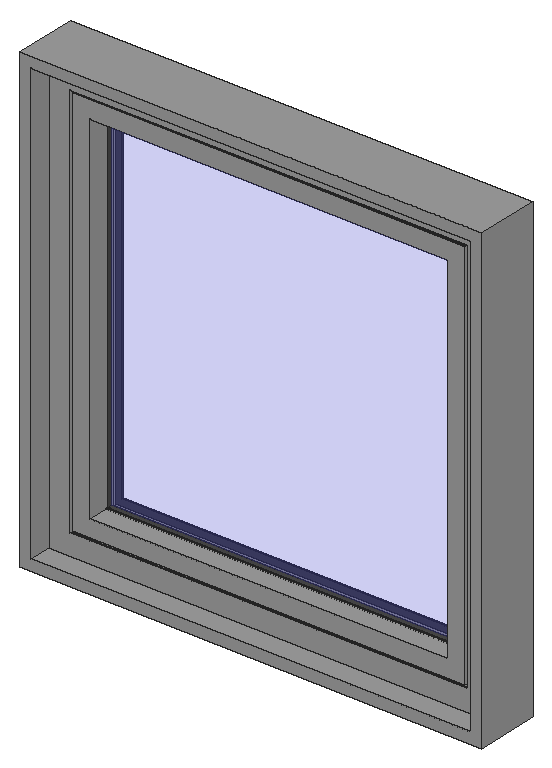
Revit family "SS_5_LAP OP001_v02", category Windows, host Wall, Revit 2015
Parameters
  Wall Thickness [instance] = 0' - 6"
  URL = "obe.com"
  Rough Width = Width + 0' 0 1/2"  # 3' - 0 1/2"
  Rough Height = Height + 0' 0 1/2"  # 3' - 0 1/2"
  Offset Limitation [instance] = if((Offset + 0' 5") > Wall Thickness, (Wall Thickness - 0' 5"), Offset)  # 0' - 0"
  Offset [instance] = 0' - 0"
  Model = "SS_5_LAP OP001"
  Manufacturer = "Oldcastle BuildingEnvelope®"
  Keynote = "08 51 00"
  Height = 3' - 0"
  Glass Material = Glass
  Gasket Material = Gasket
  Frame Material = Aluminum
  Description = "SIGNATURE SERIES 5000 LAP"
  Default Sill Height = 3' - 0"
  Wall Closure = By host
  Width = 3' - 0"
  Assembly Code = "B2020"
Reference planes (in)
  plane 1 "Center (Front/Back)": y = 0
  plane 2: z = 0
  plane 3 "Center (Left/Right)": x = 0
  plane 4 "Left": x = -18.25
  plane 5 "Right": x = 18.25
  plane 6 "Sill": z = 36
  plane 7 "Top": z = 72.5
  plane 8: x = 18
  plane 9: x = -18
  plane 10: z = 72.25
  plane 11: z = 36.25
  plane 12 "Offset": y = 3
  plane 13: z = 69.00052
  plane 14: z = 39.49948
  plane 15 "EXT": y = 2.69269
Forms (in)
  Sweep 1, solid, material "Aluminum" <- "Frame Material"
    path origin (0, 3, 0) x (1, 0, 0) y (0, 0, 1)
      loop
        line (18.25, 36.25) -> (-18.25, 36.25)
    profile origin (0, 3, 36.25) x (0, 0, -1) y (0, -1, 0)
      loop
        line (-1.36814, 0) -> (0.25, 0) -> (0.25, 5) -> (-0.625, 5) -> (-0.625, 3.25) -> (-2.3125, 3.25) -> (-2.3125, 3.17) -> (-1.36814, 3.17) -> (-1.36814, 0)
  Sweep 2, solid, material "Aluminum" <- "Frame Material"
    path origin (0, 3, 0) x (1, 0, 0) y (0, 0, 1)
      loop
        line (18.25, 72.25) -> (-18.25, 72.25)
    profile origin (0, 3, 72.25) x (0, 0, -1) y (0, -1, 0)
      loop
        line (0.625, 3.24905) -> (0.625, 5) -> (-0.25, 5) -> (-0.25, 0) -> (1.37477, 0) -> (1.37477, 3.16948) -> (2.31296, 3.16948) -> (2.31296, 3.24905) -> (0.625, 3.24905)
  Sweep 3, solid, material "Aluminum" <- "Frame Material"
    path origin (0, 3, 0) x (1, 0, 0) y (0, 0, 1)
      loop
        line (18, 36) -> (18, 72.5)
    profile origin (18, 3, 54.25) x (-1, 0, 0) y (0, -1, 0)
      loop
        line (-0.25, 0) -> (1.36814, 0) -> (1.36814, 3.17) -> (2.3125, 3.17) -> (2.3125, 3.24905) -> (0.625, 3.24905) -> (0.625, 5) -> (-0.25, 5) -> (-0.25, 0)
  Sweep 4, solid, material "Aluminum" <- "Frame Material"
    path origin (0, 3, 0) x (1, 0, 0) y (0, 0, 1)
      loop
        line (-18, 36) -> (-18, 72.5)
    profile origin (-18, 3, 54.25) x (-1, 0, 0) y (0, -1, 0)
      loop
        line (-0.625, 5) -> (-0.625, 3.24905) -> (-2.3125, 3.24905) -> (-2.3125, 3.17) -> (-1.36814, 3.17) -> (-1.36814, 0) -> (0.25, 0) -> (0.25, 5) -> (-0.625, 5)
  Sweep 5, solid, material "Gasket" <- "Gasket Material", detail levels fine
    path origin (0, 3, 0) x (1, 0, 0) y (0, 0, 1)
      loop
        line (18, 72.25) -> (-18, 72.25) -> (-18, 36.25) -> (18, 36.25) -> (18, 72.25)
    profile origin (0, 3, 72.25) x (0, 0, -1) y (0, -1, 0)
      loop
        line (3.53355, 0.18231) -> (3.88848, 0.18231) -> (3.88848, 0.03319) -> (3.92573, 0.04456) -> (4.0287, 0.30731) -> (3.53355, 0.30731) -> (3.53355, 0.18231)
  Sweep 6, solid, material "Gasket" <- "Gasket Material", detail levels fine
    path origin (0, 3, 0) x (1, 0, 0) y (0, 0, 1)
      loop
        line (18, 72.25) -> (-18, 72.25) -> (-18, 36.25) -> (18, 36.25) -> (18, 72.25)
    profile origin (0, 3, 72.25) x (0, 0, -1) y (0, -1, 0)
      loop
        line (3.9995, 1.30731) -> (3.91953, 1.56753)
        arc (3.91953, 1.56753) -> (3.90117, 1.58602) -> (3.87553, 1.58137) r 0.028
        line (3.87553, 1.58137) -> (3.88664, 1.50731) -> (3.71329, 1.50731) -> (3.64243, 1.41979) -> (3.552, 1.34656)
        arc (3.552, 1.34656) -> (3.54059, 1.32855) -> (3.54242, 1.30731) r 0.03334
        line (3.54242, 1.30731) -> (3.9995, 1.30731)
  Extrusion 7, solid, material "Glass" <- "Glass Material"
    sketch origin (0, 0, 36) x (0, -1, 0) y (1, 0, 0)
      loop
        line (-2.69269, -14.75052) -> (-1.69269, -14.75052) -> (-1.69269, 14.75052) -> (-2.69269, 14.75052) -> (-2.69269, -14.75052)
    from 3.49948 to 33.00052
  Sweep 8, solid, material "Aluminum" <- "Frame Material"
    path origin (0, 3, 0) x (1, 0, 0) y (0, 0, 1)
      loop
        line (16.86606, 72.25) -> (-16.86606, 72.25)
    profile origin (0, 3, 72.25) x (0, 0, -1) y (0, -1, 0)
      loop
        line (3.87448, 0.00831) -> (3.87448, 0.18231) -> (3.24948, 0.18231) -> (3.24948, 1.50731) -> (3.87448, 1.50731) -> (3.87448, 3.24905) -> (2.4995, 3.24905) -> (2.4995, 3.08998) -> (1.8426, 3.08998) -> (1.8426, -0.25169) -> (1.13394, -0.25169) -> (1.13394, -0.32169) -> (2.99948, -0.32169) -> (2.99948, 0.00831) -> (3.87448, 0.00831)
  Sweep 9, solid, material "Aluminum" <- "Frame Material"
    path origin (0, 3, 0) x (1, 0, 0) y (0, 0, 1)
      loop
        line (16.86606, 36.25) -> (-16.86606, 36.25)
    profile origin (0, 3, 36.25) x (0, 0, -1) y (0, -1, 0)
      loop
        line (-2.99948, -0.32169) -> (-1.13394, -0.32169) -> (-1.13394, -0.25169) -> (-1.8426, -0.25169) -> (-1.8426, 3.09) -> (-2.49948, 3.09) -> (-2.49948, 3.25) -> (-3.87448, 3.25) -> (-3.87448, 1.50731) -> (-3.24948, 1.50731) -> (-3.24948, 0.18231) -> (-3.87448, 0.18231) -> (-3.87448, 0.00831) -> (-2.99948, 0.00831) -> (-2.99948, -0.32169)
  Sweep 10, solid, material "Aluminum" <- "Frame Material"
    path origin (0, 3, 0) x (1, 0, 0) y (0, 0, 1)
      loop
        line (-18, 37.38394) -> (-18, 71.11606)
    profile origin (-18, 3, 54.25) x (-1, 0, 0) y (0, -1, 0)
      loop
        line (-3.87448, 1.50731) -> (-3.24948, 1.50731) -> (-3.24948, 0.18231) -> (-3.87448, 0.18231) -> (-3.87448, 0.00831) -> (-2.99948, 0.00831) -> (-2.99948, -0.32169) -> (-1.13394, -0.32169) -> (-1.13394, -0.25169) -> (-1.8426, -0.25169) -> (-1.8426, 3.17) -> (-2.3125, 3.17) -> (-2.3125, 3.25) -> (-3.87448, 3.25) -> (-3.87448, 1.50731)
  Sweep 11, solid, material "Aluminum" <- "Frame Material"
    path origin (0, 3, 0) x (1, 0, 0) y (0, 0, 1)
      loop
        line (18, 37.38394) -> (18, 71.11606)
    profile origin (18, 3, 54.25) x (-1, 0, 0) y (0, -1, 0)
      loop
        line (1.13394, -0.32169) -> (2.99948, -0.32169) -> (2.99948, 0.00831) -> (3.87448, 0.00831) -> (3.87448, 0.18231) -> (3.24948, 0.18231) -> (3.24948, 1.50731) -> (3.87448, 1.50731) -> (3.87448, 3.25) -> (2.49948, 3.25) -> (2.49948, 3.09) -> (1.8426, 3.09) -> (1.8426, -0.25169) -> (1.13394, -0.25169) -> (1.13394, -0.32169)
  Sweep 12, void
    path origin (0, 3, 0) x (1, 0, 0) y (0, 0, 1)
      loop
        line (-18, 69.93704) -> (-18, 38.5625)
    profile origin (-18, 3, 54.24977) x (0, -1, 0) y (1, 0, 0)
      loop
        line (3.25, 2.3125) -> (3.25, 2.50028) -> (3.09032, 2.50028) -> (3.09032, 2.3125) -> (3.25, 2.3125)
  Sweep 13, void
    path origin (0, 3, 0) x (1, 0, 0) y (0, 0, 1)
      loop
        line (-15.49972, 72.25) -> (15.50052, 72.25)
    profile origin (0.0004, 3, 72.25) x (0, 0, 1) y (0, -1, 0)
      loop
        line (-2.31296, 3.24905) -> (-2.4995, 3.24905) -> (-2.4995, 3.08998) -> (-2.31296, 3.08998) -> (-2.31296, 3.24905)
  Sweep 14, void
    path origin (0, 3, 0) x (1, 0, 0) y (0, 0, 1)
      loop
        line (-15.49972, 36.25) -> (15.50052, 36.25)
    profile origin (0.0004, 3, 36.25) x (0, 0, 1) y (0, -1, 0)
      loop
        line (2.3125, 3.24905) -> (2.3125, 3.08998) -> (2.49948, 3.08998) -> (2.49948, 3.24905) -> (2.3125, 3.24905)
  Sweep 15, void
    path origin (0, 3, 0) x (1, 0, 0) y (0, 0, 1)
      loop
        line (18, 38.5625) -> (18, 69.93704)
    profile origin (18, 3, 54.24977) x (-1, 0, 0) y (0, -1, 0)
      loop
        line (2.3125, 3.25) -> (2.3125, 3.08998) -> (2.49948, 3.08998) -> (2.49948, 3.25) -> (2.3125, 3.25)
Cuts and joins
  Sweep 12, Sweep 13, Sweep 14 cuts Sweep 1
  Sweep 12, Sweep 13, Sweep 14 cuts Sweep 2
  Sweep 12, Sweep 13, Sweep 14 cuts Sweep 3
  Sweep 12, Sweep 13, Sweep 14 cuts Sweep 4
  Sweep 12, Sweep 13, Sweep 14, Sweep 15 cuts Sweep 8
  Sweep 12, Sweep 13, Sweep 14, Sweep 15 cuts Sweep 9
  Sweep 12, Sweep 13, Sweep 14 cuts Sweep 10
  Sweep 12, Sweep 13, Sweep 14 cuts Sweep 11
  joined: Sweep 1, Sweep 2, Sweep 3, Sweep 4, Sweep 8, Sweep 9, Sweep 10, Sweep 11
Lines and regions (in)
  Opening 1
    outline origin (-60, -3, 0) x (1, 0, 0) y (0, 0, 1)
      loop
        line (41.75, 72.5) -> (41.75, 36) -> (78.25, 36) -> (78.25, 72.5) -> (41.75, 72.5)
  model lines, style "Opening Direction"
    curve 1: line (-14.12552, 2.69269, 40.12448) -> (0, 2.69269, 68.37552)
    curve 2: line (0, 2.69269, 68.37552) -> (14.12552, 2.69269, 40.12448)
Text (in)
  text "EXTERIOR" at (-58.6888, 50.90694, 0), in view "Ref. Level"
  text "INTERIOR" at (-58.6888, -37.76638, 0), in view "Ref. Level"
  text "Exterior" at (0, 43.65631, 123.19604), in view "Left"
  text "Exterior" at (0, 18.29385, 125.04747), in view "Right"
  text "Min Operable Size\n\n14\" width x 18\" height\n\n\n\nMax Operable Size\n\n72\" x 72\"\n\n\n\nMax Operable Area\n\n24 square feet" at (93.11774, 66.21135, 0), in view "Ref. Level"
Dimensions and locks (in)
  equal spacing: plane 4 "Left", plane 3 "Center (Left/Right)", plane 5 "Right"
  "Rough Height": plane 6 "Sill" to plane 7 "Top"
  "Default Sill Height": plane 2 to plane 6 "Sill"
  locked: plane 6 "Sill" to plane 11 at 0.25
  locked: plane 8 to plane 5 "Right" at 0.25
  "Height": plane 11 to plane 10
  "Offset Limitation": plane 12 "Offset" to host wall
  "Wall Thickness": host wall to host wall
  "Width": plane 9 to plane 8
  "Rough Width": plane 4 "Left" to plane 5 "Right"
  Sweep 6 to Sweep 5 to plane 12 "Offset" = 0' - 1", 0' - 0.30731" locked
  locked: plane 11 to plane 14 at 3.24948
  locked: plane 10 to plane 13 at 3.24948
  Extrusion 7 sketch curve to Extrusion 7 sketch curve to plane 12 "Offset" = 0' - 1" locked, 0' - 0.30731" locked
  locked: plane 9 to Sweep 8 sketch curve at 1.13394
  locked: Sweep 8 sketch curve to plane 8 at 1.13394
  locked: plane 9 to Sweep 9 sketch curve at 1.13394
  locked: Sweep 9 sketch curve to plane 8 at 1.13394
  locked: plane 15 "EXT" to plane 12 "Offset" at 0.30731
  aligned and locked: plane 7 "Top" to Opening 1 sketch curve
  aligned and locked: plane 6 "Sill" to Opening 1 sketch curve  (x2)
  aligned and locked: plane 5 "Right" to Opening 1 sketch curve
  aligned and locked: plane 4 "Left" to Opening 1 sketch curve
  aligned and locked: level to plane 2
  aligned and locked: plane 5 "Right" to Sweep 1 sketch curve
  aligned and locked: plane 11 to Sweep 1 sketch curve
  aligned and locked: plane 4 "Left" to Sweep 1 sketch curve
  aligned and locked: plane 5 "Right" to Sweep 2 sketch curve
  aligned and locked: plane 10 to Sweep 2 sketch curve
  aligned and locked: plane 4 "Left" to Sweep 2 sketch curve
  aligned and locked: plane 6 "Sill" to Sweep 3 sketch curve
  aligned and locked: plane 8 to Sweep 3 sketch curve
  aligned and locked: plane 7 "Top" to Sweep 3 sketch curve
  aligned and locked: plane 9 to Sweep 4 sketch curve
  aligned and locked: Sweep 2 to Sweep 4 sketch curve
  aligned and locked: plane 6 "Sill" to Sweep 4 sketch curve
  aligned and locked: Sweep 6 sketch curve to nested 2
  aligned and locked: Extrusion 7 sketch curve to nested 1
  aligned and locked: nested 1 to Extrusion 7 sketch curve
  aligned and locked: Extrusion 7 to plane 14
  aligned and locked: plane 13 to Extrusion 7
  aligned and locked: plane 12 "Offset" to nested 1
  aligned and locked: plane 12 "Offset" to nested 2
  aligned and locked: plane 9 to Sweep 10 sketch curve
  aligned and locked: plane 10 to Sweep 8 sketch curve
  aligned and locked: plane 11 to Sweep 9 sketch curve
  aligned and locked: plane 9 to Sweep 12 sketch curve
  aligned and locked: plane 10 to Sweep 13 sketch curve
  aligned and locked: plane 11 to Sweep 14 sketch curve
  aligned and locked: curve 2 to cut or joined group 1 (Sweep 1, Sweep 2, Sweep 3, Sweep 4, Sweep 8, Sweep 9, Sweep 10, Sweep 11, Sweep 12, Sweep 13, Sweep 14, Sweep 15)
  aligned and locked: curve 1 to cut or joined group 1
  aligned and locked: cut or joined group 1 to curve 1
  aligned and locked: plane 3 "Center (Left/Right)" to curve 1
Automatic sketch dimensions
  Sweep 1 sketch curve to plane 12 "Offset" = 0' - 0"
  Sweep 1 sketch curve to Sweep 1 sketch curve = 0' - 1 3/4"
  Sweep 1 sketch curve to profile plane = 0' - 0 1/4"
  profile plane to Sweep 3 sketch curve = 0' - 0 1/4"
  Sweep 3 sketch curve to Sweep 3 sketch curve = 0' - 1.75095"
  profile plane to Sweep 4 sketch curve = 0' - 0 5/8"
  Sweep 4 sketch curve to profile plane = 0' - 0 1/4"
  Sweep 4 sketch curve to Sweep 4 sketch curve = 0' - 1.75095"
  plane 12 "Offset" to Sweep 5 sketch curve = 0' - 0.18231"
  Sweep 5 sketch curve to profile plane = 0' - 3.53355"
  Sweep 5 sketch curve to Sweep 5 sketch curve = 0' - 0.35493"
  plane 12 "Offset" to Sweep 5 sketch curve = 0' - 0.04456"
  Sweep 5 sketch curve to Sweep 5 sketch curve = 0' - 0.03725"
  Sweep 5 sketch curve to Sweep 5 sketch curve = 0' - 0.14022"
  plane 12 "Offset" to Sweep 5 sketch curve = 0' - 0.03319"
  Sweep 5 sketch curve to Sweep 5 sketch curve = 0' - 0 1/8"
  plane 12 "Offset" to Sweep 6 sketch curve = 0' - 1.30731"
  Sweep 6 sketch curve to profile plane = 0' - 3.54242"
  plane 12 "Offset" to Sweep 6 sketch curve = 0' - 1.34656"
  Sweep 6 sketch curve to Sweep 6 sketch curve = 0' - 0.00957"
  Sweep 6 sketch curve to Sweep 6 sketch curve = 0' - 0.02098"
  plane 12 "Offset" to Sweep 6 sketch curve = 0' - 1.41979"
  Sweep 6 sketch curve to Sweep 6 sketch curve = 0' - 0.09043"
  Sweep 6 sketch curve to Sweep 6 sketch curve = 0' - 0.07087"
  plane 12 "Offset" to Sweep 6 sketch curve = 0' - 1.58137"
  Sweep 6 sketch curve to Sweep 6 sketch curve = 0' - 0.16223"
  plane 12 "Offset" to Sweep 6 sketch curve = 0' - 1.50731"
  Sweep 6 sketch curve to Sweep 6 sketch curve = 0' - 0.01111"
  Sweep 6 sketch curve to Sweep 6 sketch curve = 0' - 0.01724"
  plane 12 "Offset" to Sweep 6 sketch curve = 0' - 1.56753"
  Sweep 6 sketch curve to Sweep 6 sketch curve = 0' - 0.02676"
  Sweep 6 sketch curve to Sweep 6 sketch curve = 0' - 0.11286"
  plane 8 to Sweep 6 sketch curve = 0' - 0"
  Sweep 6 sketch curve to plane 10 = 0' - 0"
  plane 9 to Sweep 5 sketch curve = 0' - 0"
  plane 8 to Sweep 5 sketch curve = 0' - 0"
  Sweep 5 sketch curve to plane 11 = 0' - 0"
  Sweep 5 sketch curve to plane 10 = 0' - 0"
  plane 9 to Sweep 6 sketch curve = 0' - 0"
  Sweep 2 sketch curve to plane 12 "Offset" = 0' - 0"
  profile plane to Sweep 2 sketch curve = 0' - 0 1/4"
  Sweep 2 sketch curve to profile plane = 0' - 0 5/8"
  Sweep 2 sketch curve to Sweep 2 sketch curve = 0' - 0.74977"
  Sweep 2 sketch curve to Sweep 2 sketch curve = 0' - 0.93819"
  plane 12 "Offset" to Sweep 2 sketch curve = 0' - 3.16948"
  Sweep 2 sketch curve to Sweep 2 sketch curve = 0' - 0.07957"
  Sweep 2 sketch curve to Sweep 2 sketch curve = 0' - 1.75095"
  profile plane to Sweep 1 sketch curve = 0' - 0 5/8"
  Sweep 1 sketch curve to Sweep 1 sketch curve = 0' - 3.17"
  Sweep 1 sketch curve to Sweep 1 sketch curve = 0' - 0.94436"
  Sweep 1 sketch curve to Sweep 1 sketch curve = 0' - 0.74314"
  Sweep 1 sketch curve to Sweep 1 sketch curve = 0' - 0.08"
  plane 12 "Offset" to Sweep 4 sketch curve = 0' - 0"
  Sweep 4 sketch curve to Sweep 4 sketch curve = 0' - 3.17"
  Sweep 4 sketch curve to Sweep 4 sketch curve = 0' - 0.94436"
  Sweep 4 sketch curve to Sweep 4 sketch curve = 0' - 0.74314"
  Sweep 4 sketch curve to Sweep 4 sketch curve = 0' - 0.07905"
  Sweep 3 sketch curve to profile plane = 0' - 0 5/8"
  plane 12 "Offset" to Sweep 3 sketch curve = 0' - 0"
  Sweep 3 sketch curve to Sweep 3 sketch curve = 0' - 0.94436"
  Sweep 3 sketch curve to Sweep 3 sketch curve = 0' - 3.17"
  Sweep 3 sketch curve to Sweep 3 sketch curve = 0' - 0.74314"
  Sweep 3 sketch curve to Sweep 3 sketch curve = 0' - 0.07905"
  Sweep 10 sketch curve to plane 11 = 0' - 1.13394"
  plane 10 to Sweep 10 sketch curve = 0' - 1.13394"
  plane 12 "Offset" to Sweep 10 sketch curve = 0' - 3 1/4"
  plane 12 "Offset" to Sweep 10 sketch curve = 0' - 0.00831"
  Sweep 10 sketch curve to Sweep 10 sketch curve = 0' - 0"
  Sweep 10 sketch curve to Sweep 10 sketch curve = 0' - 0 5/8"
  Sweep 10 sketch curve to plane 12 "Offset" = 0' - 0.25169"
  Sweep 10 sketch curve to Sweep 10 sketch curve = 0' - 1.40688"
  Sweep 10 sketch curve to Sweep 10 sketch curve = 0' - 0.174"
  Sweep 10 sketch curve to Sweep 10 sketch curve = 0' - 1.325"
  Sweep 10 sketch curve to Sweep 10 sketch curve = 0' - 0 1/4"
  Sweep 10 sketch curve to plane 12 "Offset" = 0' - 0.32169"
  profile plane to Sweep 10 sketch curve = 0' - 1.13394"
  Sweep 10 sketch curve to Sweep 10 sketch curve = 0' - 0.70866"
  plane 8 to Sweep 11 sketch curve = 0' - 0"
  Sweep 11 sketch curve to plane 11 = 0' - 1.13394"
  plane 10 to Sweep 11 sketch curve = 0' - 1.13394"
  Sweep 11 sketch curve to profile plane = 0' - 1.13394"
  Sweep 11 sketch curve to plane 12 "Offset" = 0' - 0.32169"
  Sweep 11 sketch curve to Sweep 11 sketch curve = 0' - 0.70866"
  Sweep 11 sketch curve to plane 12 "Offset" = 0' - 0.25169"
  Sweep 11 sketch curve to Sweep 11 sketch curve = 0' - 1.15688"
  plane 12 "Offset" to Sweep 11 sketch curve = 0' - 0.00831"
  Sweep 11 sketch curve to Sweep 11 sketch curve = 0' - 0 7/8"
  Sweep 11 sketch curve to Sweep 11 sketch curve = 0' - 0.174"
  Sweep 11 sketch curve to Sweep 11 sketch curve = 0' - 0 5/8"
  plane 12 "Offset" to Sweep 11 sketch curve = 0' - 1.50731"
  Sweep 11 sketch curve to Sweep 11 sketch curve = 0' - 0"
  Sweep 11 sketch curve to Sweep 11 sketch curve = 0' - 1.74269"
  Sweep 11 sketch curve to Sweep 11 sketch curve = 0' - 0.16"
  Sweep 11 sketch curve to Sweep 11 sketch curve = 0' - 0.65688"
  Sweep 10 sketch curve to Sweep 10 sketch curve = 0' - 0.4699"
  Sweep 10 sketch curve to Sweep 10 sketch curve = 0' - 0.08"
  Sweep 8 sketch curve to plane 12 "Offset" = 0' - 0.25169"
  Sweep 8 sketch curve to profile plane = 0' - 1.13394"
  Sweep 8 sketch curve to profile plane = 0' - 1.8426"
  plane 12 "Offset" to Sweep 8 sketch curve = 0' - 0.00831"
  Sweep 8 sketch curve to Sweep 8 sketch curve = 0' - 1.15688"
  Sweep 8 sketch curve to Sweep 8 sketch curve = 0' - 0 1/4"
  Sweep 8 sketch curve to Sweep 8 sketch curve = 0' - 0 5/8"  (x2)
  Sweep 8 sketch curve to Sweep 8 sketch curve = 0' - 0.07"
  Sweep 8 sketch curve to Sweep 8 sketch curve = 0' - 0.174"
  Sweep 8 sketch curve to Sweep 8 sketch curve = 0' - 1.325"
  Sweep 8 sketch curve to Sweep 8 sketch curve = 0' - 1.74174"
  Sweep 8 sketch curve to Sweep 8 sketch curve = 0' - 0.6569"
  Sweep 8 sketch curve to Sweep 8 sketch curve = 0' - 0.15906"
  profile plane to Sweep 9 sketch curve = 0' - 3.87448"
  plane 12 "Offset" to Sweep 9 sketch curve = 0' - 0.18231"
  Sweep 9 sketch curve to Sweep 9 sketch curve = 0' - 0"  (x2)
  Sweep 9 sketch curve to Sweep 9 sketch curve = 0' - 0 5/8"
  plane 12 "Offset" to Sweep 9 sketch curve = 0' - 0.00831"
  Sweep 9 sketch curve to Sweep 9 sketch curve = 0' - 0 1/4"
  Sweep 9 sketch curve to Sweep 9 sketch curve = 0' - 1 3/8"
  Sweep 9 sketch curve to plane 12 "Offset" = 0' - 0.25169"
  Sweep 9 sketch curve to Sweep 9 sketch curve = 0' - 1.15688"
  Sweep 9 sketch curve to Sweep 9 sketch curve = 0' - 0.70866"
  Sweep 9 sketch curve to plane 12 "Offset" = 0' - 0.32169"
  Sweep 9 sketch curve to Sweep 9 sketch curve = 0' - 1.325"
  Sweep 9 sketch curve to Sweep 9 sketch curve = 0' - 1.58269"
  Sweep 9 sketch curve to Sweep 9 sketch curve = 0' - 0.16"
  plane 12 "Offset" to Sweep 12 sketch curve = 0' - 3.09032"
  Sweep 12 sketch curve to Sweep 12 sketch curve = 0' - 0.15968"
  Sweep 12 sketch curve to profile plane = 0' - 2 5/16"
  Sweep 12 sketch curve to Sweep 12 sketch curve = 0' - 0.18778"
  Sweep 12 sketch curve to plane 14 = 0' - 0.93698"
  plane 13 to Sweep 12 sketch curve = 0' - 0.93653"
  Sweep 13 sketch curve to plane 9 = 0' - 2.50028"
  plane 8 to Sweep 13 sketch curve = 0' - 2.49948"
  profile plane to Sweep 13 sketch curve = 0' - 2.4995"
  Sweep 13 sketch curve to Sweep 13 sketch curve = 0' - 0.18654"
  plane 12 "Offset" to Sweep 13 sketch curve = 0' - 3.08998"
  Sweep 13 sketch curve to Sweep 13 sketch curve = 0' - 0.15906"
  Sweep 14 sketch curve to plane 9 = 0' - 2.50028"
  plane 8 to Sweep 14 sketch curve = 0' - 2.49948"
  Sweep 14 sketch curve to profile plane = 0' - 2 5/16"
  Sweep 14 sketch curve to Sweep 14 sketch curve = 0' - 0.18698"
  plane 12 "Offset" to Sweep 14 sketch curve = 0' - 3.08998"
  Sweep 14 sketch curve to Sweep 14 sketch curve = 0' - 0.15906"
  plane 8 to Sweep 15 sketch curve = 0' - 0"
  Sweep 15 sketch curve to plane 11 = 0' - 2 5/16"
  plane 10 to Sweep 15 sketch curve = 0' - 2.31296"
  Sweep 15 sketch curve to profile plane = 0' - 2 5/16"
  Sweep 15 sketch curve to Sweep 15 sketch curve = 0' - 0.18698"
  plane 12 "Offset" to Sweep 15 sketch curve = 0' - 3.08998"
  Sweep 15 sketch curve to Sweep 15 sketch curve = 0' - 0.16002"
  plane 14 to curve 2 = 0' - 0 5/8"
  plane 14 to curve 1 = 0' - 0 5/8"
  curve 2 to plane 13 = 0' - 0 5/8"
Nested families (in)
  nested 1: "S-5000 LAP-Plan View" at (0, 3, 0.25), Default Sill Height <- "Default Sill Height", Height <- "Height", Width <- "Width", type "S-5000 LAP-Plan View"
    with Width 3' - 0", Height 3' - 0", Default Sill Height 3' - 0"
  nested 2: "S-5000 LAP-Section Operable" at (0, 3, 0.25), Default Sill Height <- "Default Sill Height", Height <- "Height", Width <- "Width", type "S-5000 LAP-Section Operable"
    with Width 3' - 0", Height 3' - 0", Default Sill Height 3' - 0"
Definition of nested family "S-5000 LAP-Plan View"
  Parameters (values of type "S-5000 LAP-Plan View")
    Width [instance] = 3' - 0"
    Height [instance] = 4' - 0"
    Default Sill Height [instance] = 3' - 0"
    Analytic Construction = "<None>"
  Reference planes (in)
    plane 1 "Center (Front/Back)": y = 0
    plane 2: z = 0
    plane 3 "Center (Left/Right)": x = 0
    plane 4: z = 36
  Lines and regions (in)
    model lines, not visible
      curve 1: line (0, 0, 36) -> (0, 0, 84)
  Dimensions and locks (in)
    "Default Sill Height": plane 4 to plane 2
    "Height": curve 1 to plane 4
    aligned and locked: plane 2 to level
    aligned and locked: plane 3 "Center (Left/Right)" to nested 1
    aligned and locked: plane 1 "Center (Front/Back)" to nested 1
    aligned and locked: plane 4 to curve 1
    aligned and locked: plane 1 "Center (Front/Back)" to curve 1
  Nested families (in)
    nested 1: "S-5000 LAP-Plan View" at (-12, 0, 0), Width <- "Width", type "S-5000 LAP-Plan View"
      with Width 3' - 0"
  Definition of nested family "S-5000 LAP-Plan View"
    Parameters (values of type "S-5000 LAP-Plan View")
      Width [instance] = 2' - 0"
    Reference planes (in)
      plane 1 "Center (Front/Back)": y = 0
      plane 2: z = 0
      plane 3 "C": x = 0
      plane 4: x = 24
      plane 5: x = 20.75052
      plane 6: x = 3.24948
      plane 7 "Center (Left/Right)": x = 12
    Lines and regions (in)
      detail lines, in view "Ref. Level"
        curve 1: line (3.24948, -0.30731, 0) -> (20.75052, -0.30731, 0)
        curve 2: line (3.24948, -1.30731, 0) -> (20.75052, -1.30731, 0)
    Dimensions and locks (in)
      "Width": plane 3 "C" to plane 4
      locked: plane 3 "C" to plane 6 at 3.24948
      locked: plane 5 to plane 4 at 3.24948
      equal spacing: plane 3 "C", plane 7 "Center (Left/Right)", plane 4
      aligned and locked: nested 2 to plane 3 "C"
      aligned and locked: nested 2 to plane 1 "Center (Front/Back)"
      aligned and locked: nested 1 to plane 1 "Center (Front/Back)"
      aligned and locked: nested 1 to plane 4
      aligned and locked: plane 6 to curve 1
      aligned and locked: plane 5 to curve 1
    Automatic sketch dimensions
      curve 2 to plane 6 = 0' - 0"
      curve 2 to plane 5 = 0' - 0"
      plane 1 "Center (Front/Back)" to curve 2 = 0' - 1.30731"
      plane 1 "Center (Front/Back)" to curve 1 = 0' - 0.30731"
    Nested families (in)
      nested 1: "S-5000 LAP-JAMB L" at (24, 0, 0) x (-1, 0, 0) z (0, 0, 1), type "S-5000 LAP-JAMB L", in view "Ref. Level"
      nested 2: "S-5000 LAP-JAMB R" at (0, 0, 0) x (-1, 0, 0) z (0, 0, 1), type "S-5000 LAP-JAMB R", in view "Ref. Level"
    Definition of nested family "S-5000 LAP-JAMB L"
      Reference planes (in)
        plane 1 "Center (Front/Back)": y = 0
        plane 2: z = 0
        plane 3 "Center (Left/Right)": x = 0
      Lines and regions (in)
        detail lines, in view "Ref. Level"
          curve 1: line (-0.25, 5, 0) -> (-0.25, 2.45303, 0)
          curve 2: line (-0.25, 2.45303, 0) -> (-0.25, 2.37303, 0)
          curve 3: line (-0.25, 2.37303, 0) -> (-0.25, 0.79697, 0)
          curve 4: line (-0.25, 0.79697, 0) -> (-0.25, 0.20716, 0)
          curve 5: line (-0.25, 0.20716, 0) -> (-0.25, 0.08, 0)
          curve 6: line (-0.25, 0.08, 0) -> (-0.25, 0, 0)
          curve 7: line (-0.25, 0, 0) -> (1.13394, 0, 0)
          curve 8: line (1.13394, 0, 0) -> (1.13394, -0.32169, 0)
          curve 9: line (1.13394, -0.32169, 0) -> (2.99948, -0.32169, 0)
          curve 10: line (2.99948, -0.32169, 0) -> (2.99948, 0.00831, 0)
          curve 11: line (2.99948, 0.00831, 0) -> (3.87448, 0.00831, 0)
          curve 12: line (3.87448, 0.00831, 0) -> (3.87448, 0.30731, 0)
          curve 13: line (3.87448, 0.30731, 0) -> (3.24948, 0.30731, 0)
          curve 14: line (3.24948, 0.30731, 0) -> (3.24948, 1.30731, 0)
          curve 15: line (3.24948, 1.30731, 0) -> (3.87448, 1.30731, 0)
          curve 16: line (3.87448, 1.30731, 0) -> (3.87448, 3.24905, 0)
          curve 17: line (3.87448, 3.24905, 0) -> (0.625, 3.24905, 0)
          curve 18: line (0.625, 3.24905, 0) -> (0.625, 5, 0)
          curve 19: line (0.625, 5, 0) -> (-0.25, 5, 0)
    Definition of nested family "S-5000 LAP-JAMB R"
      Reference planes (in)
        plane 1 "Center (Front/Back)": y = 0
        plane 2: z = 0
        plane 3 "Center (Left/Right)": x = 0
      Lines and regions (in)
        detail lines, in view "Ref. Level"
          curve 1: line (0.25, 5, 0) -> (0.25, 2.45303, 0)
          curve 2: line (0.25, 2.45303, 0) -> (0.25, 2.37303, 0)
          curve 3: line (0.25, 2.37303, 0) -> (0.25, 0.79697, 0)
          curve 4: line (0.25, 0.79697, 0) -> (0.25, 0.20716, 0)
          curve 5: line (0.25, 0.20716, 0) -> (0.25, 0.08, 0)
          curve 6: line (0.25, 0.08, 0) -> (0.25, 0, 0)
          curve 7: line (0.25, 0, 0) -> (-1.13394, 0, 0)
          curve 8: line (-1.13394, 0, 0) -> (-1.13394, -0.32169, 0)
          curve 9: line (-1.13394, -0.32169, 0) -> (-2.99948, -0.32169, 0)
          curve 10: line (-2.99948, -0.32169, 0) -> (-2.99948, 0.00831, 0)
          curve 11: line (-2.99948, 0.00831, 0) -> (-3.87448, 0.00831, 0)
          curve 12: line (-3.87448, 0.00831, 0) -> (-3.87448, 0.30731, 0)
          curve 13: line (-3.87448, 0.30731, 0) -> (-3.24948, 0.30731, 0)
          curve 14: line (-3.24948, 0.30731, 0) -> (-3.24948, 1.30731, 0)
          curve 15: line (-3.24948, 1.30731, 0) -> (-3.87448, 1.30731, 0)
          curve 16: line (-3.87448, 1.30731, 0) -> (-3.87448, 3.24905, 0)
          curve 17: line (-3.87448, 3.24905, 0) -> (-0.625, 3.24905, 0)
          curve 18: line (-0.625, 3.24905, 0) -> (-0.625, 5, 0)
          curve 19: line (-0.625, 5, 0) -> (0.25, 5, 0)
Definition of nested family "S-5000 LAP-Section Operable"
  Parameters (values of type "S-5000 LAP-Section Operable")
    Width [instance] = 4' - 0"
    Height [instance] = 4' - 0"
    Default Sill Height [instance] = 3' - 0"
    Analytic Construction = "<None>"
  Reference planes (in)
    plane 1 "Center (Front/Back)": y = 0
    plane 2: z = 0
    plane 3 "Center (Left/Right)": x = 0
    plane 4: z = 36
  Lines and regions (in)
    model lines, not visible
      curve 1: line (-24, 0, 0) -> (24, 0, 0)
  Dimensions and locks (in)
    "Default Sill Height": plane 4 to plane 2
    equal spacing: curve 1, plane 3 "Center (Left/Right)", curve 1
    "Width": curve 1 to curve 1
    aligned and locked: plane 2 to level
    aligned and locked: plane 1 "Center (Front/Back)" to curve 1
    aligned and locked: plane 4 to nested 1
    aligned and locked: nested 1 to plane 1 "Center (Front/Back)"
  Nested families (in)
    nested 1: "S-5000 LAP-Section Operable" at (0, 0, 36) x (0, -1, 0) z (1, 0, 0), Height <- "Height", type "S-5000 LAP-Section Operable"
      with Height 4' - 0"
  Definition of nested family "S-5000 LAP-Section Operable"
    Parameters (values of type "S-5000-Section Operable")
      Height [instance] = 3' - 0"
    Reference planes (in)
      plane 1 "Center (Front/Back)": y = 0
      plane 2: z = 0
      plane 3 "Center (Left/Right)": x = 0
      plane 4: y = 36
      plane 5: y = 32.75052
      plane 6: y = 3.24948
    Lines and regions (in)
      detail lines, in view "Ref. Level"
        curve 1: line (1.30731, 32.75052, 0) -> (1.30731, 3.24948, 0)
        curve 2: line (0.30731, 32.75052, 0) -> (0.30731, 3.24948, 0)
    Dimensions and locks (in)
      "Height": plane 1 "Center (Front/Back)" to plane 4
      locked: plane 6 to plane 1 "Center (Front/Back)" at 3.24948
      locked: plane 4 to plane 5 at 3.24948
      aligned and locked: plane 3 "Center (Left/Right)" to nested 1
      aligned and locked: nested 1 to plane 4
      aligned and locked: plane 3 "Center (Left/Right)" to nested 2
      aligned and locked: plane 1 "Center (Front/Back)" to nested 2
      aligned and locked: plane 5 to curve 1
      aligned and locked: plane 6 to curve 1
    Automatic sketch dimensions
      curve 2 to plane 5 = 0' - 0"
      curve 2 to plane 6 = 0' - 0"
      plane 3 "Center (Left/Right)" to curve 2 = 0' - 0.30731"
      curve 2 to curve 1 = 0' - 1"
    Nested families (in)
      nested 1: "S-5000 LAP-HEAD" at (0, 36, 0), type "S-5000 LAP-HEAD", in view "Ref. Level"
      nested 2: "S-5000 LAP-SILL" at (0, 0, 0), type "S-5000 LAP-SILL", in view "Ref. Level"
    Definition of nested family "S-5000 LAP-HEAD"
      Reference planes (in)
        plane 1 "Center (Front/Back)": y = 0
        plane 2: z = 0
        plane 3 "Center (Left/Right)": x = 0
      Lines and regions (in)
        detail lines, in view "Ref. Level"
          curve 1: line (3.24905, -3.87448, 0) -> (3.24905, -0.625, 0)
          curve 2: line (3.24905, -0.625, 0) -> (5, -0.625, 0)
          curve 3: line (5, -0.625, 0) -> (5, 0.25, 0)
          curve 4: line (5, 0.25, 0) -> (4.92, 0.25, 0)
          curve 5: line (4.92, 0.25, 0) -> (3.17, 0.25, 0)
          curve 6: line (3.17, 0.25, 0) -> (2.45303, 0.25, 0)
          curve 7: line (2.45303, 0.25, 0) -> (2.37303, 0.25, 0)
          curve 8: line (2.37303, 0.25, 0) -> (0.79697, 0.25, 0)
          curve 9: line (0.79697, 0.25, 0) -> (0.20716, 0.25, 0)
          curve 10: line (0.20716, 0.25, 0) -> (0.08, 0.25, 0)
          curve 11: line (0.08, 0.25, 0) -> (0, 0.25, 0)
          curve 12: line (0, 0.25, 0) -> (0, -1.13394, 0)
          curve 13: line (0, -1.13394, 0) -> (-0.32169, -1.13394, 0)
          curve 14: line (-0.32169, -1.13394, 0) -> (-0.32169, -2.99948, 0)
          curve 15: line (-0.32169, -2.99948, 0) -> (0.00831, -2.99948, 0)
          curve 16: line (0.00831, -2.99948, 0) -> (0.00831, -3.87448, 0)
          curve 17: line (0.00831, -3.87448, 0) -> (0.30731, -3.87448, 0)
          curve 18: line (0.30731, -3.87448, 0) -> (0.30731, -3.24948, 0)
          curve 19: line (0.30731, -3.24948, 0) -> (1.30731, -3.24948, 0)
          curve 20: line (1.30731, -3.24948, 0) -> (1.30731, -3.87448, 0)
          curve 21: line (1.30731, -3.87448, 0) -> (3.24905, -3.87448, 0)
    Definition of nested family "S-5000 LAP-SILL"
      Reference planes (in)
        plane 1 "Center (Front/Back)": y = 0
        plane 2: z = 0
        plane 3 "Center (Left/Right)": x = 0
      Lines and regions (in)
        detail lines, in view "Ref. Level"
          curve 1: line (3.25, 0.625, 0) -> (3.25, 3.87448, 0)
          curve 2: line (3.25, 3.87448, 0) -> (1.30731, 3.87448, 0)
          curve 3: line (1.30731, 3.87448, 0) -> (1.30731, 3.24948, 0)
          curve 4: line (1.30731, 3.24948, 0) -> (0.30731, 3.24948, 0)
          curve 5: line (0.30731, 3.24948, 0) -> (0.30731, 3.87448, 0)
          curve 6: line (0.30731, 3.87448, 0) -> (0.00831, 3.87448, 0)
          curve 7: line (0.00831, 3.87448, 0) -> (0.00831, 2.99948, 0)
          curve 8: line (0.00831, 2.99948, 0) -> (-0.32169, 2.99948, 0)
          curve 9: line (-0.32169, 2.99948, 0) -> (-0.32169, 1.13394, 0)
          curve 10: line (-0.32169, 1.13394, 0) -> (0, 1.13394, 0)
          curve 11: line (0, 1.13394, 0) -> (0, -0.25, 0)
          curve 12: line (0, -0.25, 0) -> (0.08, -0.25, 0)
          curve 13: line (0.08, -0.25, 0) -> (2.37303, -0.25, 0)
          curve 14: line (2.37303, -0.25, 0) -> (2.45303, -0.25, 0)
          curve 15: line (2.45303, -0.25, 0) -> (3.17, -0.25, 0)
          curve 16: line (3.17, -0.25, 0) -> (3.82733, -0.25, 0)
          curve 17: line (3.82733, -0.25, 0) -> (4.31275, -0.25, 0)
          curve 18: line (4.31275, -0.25, 0) -> (4.92, -0.25, 0)
          curve 19: line (4.92, -0.25, 0) -> (5, -0.25, 0)
          curve 20: line (5, -0.25, 0) -> (5, 0.625, 0)
          curve 21: line (5, 0.625, 0) -> (3.25, 0.625, 0)
